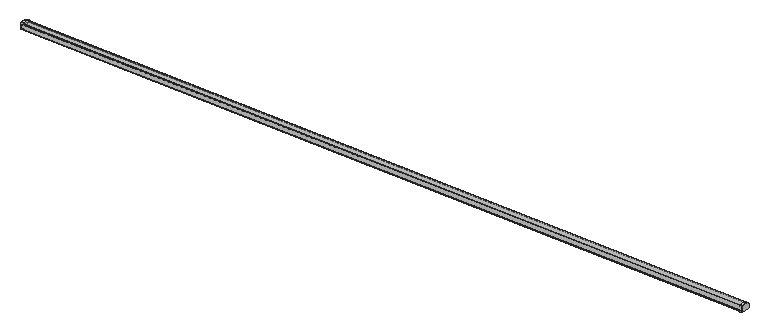
Revit family "3036975+3036931 Sylvania Lighting Fixture LUMISTRIP HO IP65 5M NW with LUMISTRIP ALU PROFILE OPAL 2-5M", category Lighting Fixtures, host Face, Revit 2017
Family settings
  Host = Face
  Round Connector Dimension = Use Diameter
  Part Type = Normal
  OmniClass Number = 23.80.70.00
  OmniClass Title = Lighting
  Cut with Voids When Loaded = No
  Light Source = Yes
  Shared = No
  Room Calculation Point = No
Parameters (values of type "3036975+3036931 LUMISTRIP HO IP65 5M NW with LUMISTRIP ALU PROFILE OPAL 2.5M")
  Weight = ""
  Wattage Comments = "n/a"
  Wattage = 0 W
  WarrantyStartDate [instance] = "n/a"
  WarrantyGuarantorParts = "n/a"
  WarrantyDurationUnit = "n/a"
  WarrantyDurationParts = "n/a"
  WarrantyDescription = "n/a"
  built-in parameter 1150110 = 1 (stored number, unit not read)
  Voltage = 24 V
  URL = "http://www.sylvania-lighting.com"
  TypeName = "LUMISTRIP HO IP65 5M NW with LUMISTRIP ALU PROFILE OPAL 2.5M"
  Type Image = <None>
  Type Comments = "n/a"
  built-in parameter 1114217 = 1 (stored number, unit not read)
  Tilt Angle = -90.00°
  built-in parameter 1150109 = 1 (stored number, unit not read)
  built-in parameter 1150134 = 12
  built-in parameter 1150113 = 1 (stored number, unit not read)
  SerialNumber [instance] = "n/a"
  ReflectorMaterial = none
  PowerFactor = 0
  PowerConsumption = ""
  Photometric Web File = "3036975.ies"
  NominalLength = 5000 mm
  NominalHeight = 4 mm
  NominalDepth = 14 mm
  Name = "LUMISTRIP HO IP65 5M NW with LUMISTRIP ALU PROFILE OPAL 2.5M"
  ModelReference = Name  # "LUMISTRIP HO IP65 5M NW with LUMISTRIP ALU PROFILE OPAL 2.5M"
  ModelNumber = "3036975+3036931"
  Model = Name  # "LUMISTRIP HO IP65 5M NW with LUMISTRIP ALU PROFILE OPAL 2.5M"
  Material = "silicon housing, silicon diffuser"
  ManufacturerName = "Feilo Sylvania"
  Manufacturer = "Feilo Sylvania"
  LuminousEfficacy = "85.60 lm/W"
  built-in parameter 1150105 = (empty or 0)
  Lumens = 0 lm
  LuminaireType = ""
  built-in parameter 1150115 = 1 (stored number, unit not read)
  LightOutputRatio = "100"
  built-in parameter 1150137 = (empty or 0)
  built-in parameter 1150139 = (empty or 0)
  LampsType = Lamp  # "LED"
  LampNominalLuminous = ""
  LampMacAdamStep = "n/a"
  LampColourTemperature = "4000 K"
  LampColourRenderingIndex = "80"
  built-in parameter 1150112 = 1 (stored number, unit not read)
  built-in parameter 1150114 = 1 (stored number, unit not read)
  Lamp = "LED"
  Keynote = "16500"
  InstallationDate [instance] = "n/a"
  InputVoltage = "24V DC"
  InputNominalFrequency = "n/a"
  built-in parameter 1150132 = (empty or 0)
  built-in parameter 1150102 = (empty or 0)
  built-in parameter 1150107 = 4000 (stored number, unit not read)
  built-in parameter 1150138 = (empty or 0)
  IngressProtection = "IP65"
  ImpactProtectionIndex = "n/a"
  built-in parameter 1150106 = (empty or 0)
  IfcExportType = "IfcLightFixtureType"
  IfcExportAs = "IfcLightFixtureType"
  ExpectedLife = 50000
  EndCapOverhangL_FEILO = 6 mm
  EndCapOverhangR_FEILO = -EndCapOverhangL_FEILO  # -6 mm
  Emit from Rectangle Width = BodyWidth_FEILO  # 25 mm
  Emit from Rectangle Length = BodyLength_FEILO - 16 mm  # 2484 mm
  Emit Shape Visible in Rendering = no
  ElectricShockClassification = "Class III"
  built-in parameter 1150104 = 7.9534 (stored number, unit not read)
  DurationUnit = "hours"
  DocumentationLiterature = "http://www.sylvania-lighting.com/product/en-int/products/3036975"
  DimmingControlOptions = "n/a"
  Dimming Lamp Color Temperature Shift = <None>
  DiffuserMaterial = Diffuser-Sylvania-Lumistrip-Transparent
  DiffuserCutOff_FEILO = 8 mm
  Description = ""
  Default Elevation = 1219.2 mm
  CreatedOn = "6/22/2018"
  CreatedBy = ""
  Cost = 0
  Color Filter = 16777215
  built-in parameter 1114216 [instance] = (empty or 0)
  ClassificationValue = "EF_70_80"
  ClassificationName = "Uniclass2015"
  BodyWidth_FEILO = 25 mm
  BodyThickness_FEILO = 1.2 mm
  BodyMaterial = Body-Sylvania-Lumistrip-Aluminium
  BodyLength_FEILO = 2500 mm
  BodyHeight_FEILO = 18.5 mm
  BodyFilletBottom_FEILO = BodyThickness_FEILO  # 1.2 mm
  BodyFilletTop_FEILO = BodyThickness_FEILO / 2  # 0.6 mm
  BarCode [instance] = "n/a"
  built-in parameter 1114218 = 1 (stored number, unit not read)
  built-in parameter 1150133 = 10 (stored number, unit not read)
  AssetType = "Fixed"
  AssetIdentifier [instance] = "n/a"
  Assembly Code = "D5020200"
  Apparent Load = 82 VA
  AccessoryMaterial = Body-Sylvania-Lumistrip-PC
Reference planes
  plane 1 "Center (Front/Back)": y = 0
  plane 2: z = 0
  plane 3 "Center (Left/Right)": x = 0
  plane 4: x = 1250
  plane 5: x = -1250
  plane 6: y = 12.5
  plane 7: y = -12.5
  plane 8: z = 18.5
  plane 9: z = 17
  plane 10: x = -1248
  plane 11: x = 1248
  plane 12: y = -11.3
  plane 13: y = 11.3
  plane 14: z = 1.2
  plane 15: z = 16.4
  plane 16: x = -1242
  plane 17: x = 1242
  plane 18: z = 15
Forms (mm)
  Extrusion 1, solid, material "Body-Sylvania-Lumistrip-Aluminium" <- "BodyMaterial"
    sketch origin (0, 0, 0) x (0, 1, 0) y (0, 0, 1)
      loop
        arc (11.3, 0) -> (12.149, 0.351) -> (12.5, 1.2) r 1.2
        line (12.5, 1.2) -> (12.5, 16.4)
        arc (12.5, 16.4) -> (11.9, 17) -> (11.3, 16.4) r 0.6
        line (11.3, 16.4) -> (11.3, 1.2) -> (-11.3, 1.2) -> (-11.3, 16.4)
        arc (-11.3, 16.4) -> (-11.9, 17) -> (-12.5, 16.4) r 0.6
        line (-12.5, 16.4) -> (-12.5, 1.2)
        arc (-12.5, 1.2) -> (-12.149, 0.351) -> (-11.3, 0) r 1.2
        line (-11.3, 0) -> (11.3, 0)
    from -1248 to 1248
  Extrusion 2, solid, material "Diffuser-Sylvania-Lumistrip-Transparent" <- "DiffuserMaterial"
    sketch origin (0, 0, 0) x (0, 1, 0) y (0, 0, 1)
      loop
        line (-11.3, 16.4) -> (-11.3, 15) -> (11.3, 15) -> (11.3, 16.4)
        arc (11.3, 16.4) -> (0, 18.5) -> (-11.3, 16.4) r 31.452
    from -1242 to 1242
  Extrusion 3, solid, material "Body-Sylvania-Lumistrip-PC" <- "AccessoryMaterial"
    sketch origin (-1250, 1524, 1219.2) x (0, 1, 0) y (0, 0, 1)
      loop
        arc (-1512.274, -1202.968) -> (-1524.257, -1200.701) -> (-1536.202, -1203.163) r 31.452
        arc (-1536.202, -1203.163) -> (-1536.423, -1203.532) -> (-1536.5, -1203.955) r 1.2
        line (-1536.5, -1203.955) -> (-1536.5, -1218)
        arc (-1536.5, -1218) -> (-1536.149, -1218.849) -> (-1535.3, -1219.2) r 1.2
        line (-1535.3, -1219.2) -> (-1512.7, -1219.2)
        arc (-1512.7, -1219.2) -> (-1511.851, -1218.849) -> (-1511.5, -1218) r 1.2
        line (-1511.5, -1218) -> (-1511.5, -1204.112)
        arc (-1511.5, -1204.112) -> (-1511.712, -1203.422) -> (-1512.274, -1202.968) r 1.234
    from 0 to 2
  Extrusion 4, solid, material "Body-Sylvania-Lumistrip-PC" <- "AccessoryMaterial"
    sketch origin (-1248, 1524, 1219.2) x (0, 1, 0) y (0, 0, 1)
      loop
        line (-1535.3, -1204.2) -> (-1512.7, -1204.2) -> (-1512.7, -1202.8)
        arc (-1512.7, -1202.8) -> (-1524, -1200.7) -> (-1535.3, -1202.8) r 31.452
        line (-1535.3, -1202.8) -> (-1535.3, -1204.2)
    from 0 to 6 <- "EndCapOverhangL_FEILO"
  Extrusion 5, solid, material "Body-Sylvania-Lumistrip-PC" <- "AccessoryMaterial"
    sketch origin (1250, 1524, 1219.2) x (0, 1, 0) y (0, 0, 1)
      loop
        line (-1535.3, -1219.2) -> (-1512.7, -1219.2)
        arc (-1512.7, -1219.2) -> (-1511.851, -1218.849) -> (-1511.5, -1218) r 1.2
        line (-1511.5, -1218) -> (-1511.5, -1204.09)
        arc (-1511.5, -1204.09) -> (-1511.706, -1203.418) -> (-1512.252, -1202.977) r 1.2
        arc (-1512.252, -1202.977) -> (-1524, -1200.7) -> (-1535.748, -1202.977) r 31.452
        arc (-1535.748, -1202.977) -> (-1536.294, -1203.418) -> (-1536.5, -1204.09) r 1.2
        line (-1536.5, -1204.09) -> (-1536.5, -1218)
        arc (-1536.5, -1218) -> (-1536.149, -1218.849) -> (-1535.3, -1219.2) r 1.2
    from 0 to -2
  Extrusion 6, solid, material "Body-Sylvania-Lumistrip-PC" <- "AccessoryMaterial"
    sketch origin (1248, 1524, 1219.2) x (0, 1, 0) y (0, 0, 1)
      loop
        line (-1535.3, -1204.2) -> (-1512.7, -1204.2) -> (-1512.7, -1202.8)
        arc (-1512.7, -1202.8) -> (-1524, -1200.7) -> (-1535.3, -1202.8) r 31.452
        line (-1535.3, -1202.8) -> (-1535.3, -1204.2)
    from 0 to -6 <- "EndCapOverhangR_FEILO"
Cuts and joins
  joined: Extrusion 3, Extrusion 4
  joined: Extrusion 5, Extrusion 6
Dimensions and locks
  "BodyLength_FEILO": plane 5 to plane 4
  equal spacing: plane 5, plane 3 "Center (Left/Right)", plane 4
  "BodyWidth_FEILO": plane 7 to plane 6
  plane 7 to plane 6 = 25 mm
  "BodyHeight_FEILO": plane 8 to plane 2
  locked: plane 9 to plane 8 at 1.5
  equal spacing: plane 10, plane 3 "Center (Left/Right)", plane 11
  locked: plane 5 to plane 10 at 2
  equal spacing: plane 12, plane 1 "Center (Front/Back)", plane 13
  "BodyThickness_FEILO": plane 7 to plane 12
  "BodyThickness_FEILO": plane 14 to plane 2
  "BodyFilletTop_FEILO": plane 15 to plane 9
  "BodyFilletTop_FEILO": plane 7 to Extrusion 1 sketch curve
  "BodyFilletTop_FEILO": plane 13 to Extrusion 1 sketch curve
  equal spacing: plane 16, plane 3 "Center (Left/Right)", plane 17
  "DiffuserCutOff_FEILO": plane 5 to plane 16
  locked: plane 18 to plane 9 at 2
  locked: Extrusion 2 sketch curve to plane 8 at 31.452
  "BodyFilletBottom_FEILO": radius of Extrusion 1 sketch curve  (x2)
  "BodyFilletBottom_FEILO": radius of Extrusion 3 sketch curve  (x3)
  radius of Extrusion 3 sketch curve = 1.234 mm
  "BodyFilletBottom_FEILO": radius of Extrusion 5 sketch curve  (x4)
  aligned and locked: plane 2 to host face
  aligned and locked: level to host face
  aligned and locked: level to Extrusion 1 sketch curve
  aligned and locked: plane 12 to Extrusion 1 sketch curve  (x2)
  aligned and locked: plane 14 to Extrusion 1 sketch curve
  aligned and locked: plane 6 to Extrusion 1 sketch curve
  aligned and locked: plane 11 to Extrusion 1
  aligned and locked: Extrusion 1 to plane 10
  aligned and locked: plane 15 to Extrusion 1 sketch curve  (x6)
  aligned and locked: Extrusion 1 sketch curve to plane 7
  aligned and locked: Extrusion 1 sketch curve to plane 13
  aligned and locked: Extrusion 1 to Extrusion 2 sketch curve
  aligned and locked: plane 18 to Extrusion 2 sketch curve
  aligned and locked: Extrusion 2 sketch curve to plane 13
  aligned and locked: plane 1 "Center (Front/Back)" to Extrusion 2 sketch curve
  aligned and locked: plane 17 to Extrusion 2
  aligned and locked: Extrusion 2 to plane 16
  aligned and locked: Extrusion 3 sketch curve to Extrusion 2
  aligned and locked: Extrusion 1 to Extrusion 3 sketch curve  (x3)
  aligned and locked: plane 10 to Extrusion 3
  aligned and locked: Extrusion 3 to plane 5
  aligned and locked: Extrusion 4 sketch curve to Extrusion 2  (x4)
  aligned and locked: Extrusion 4 to plane 10
  aligned and locked: Extrusion 5 sketch curve to plane 6
  aligned and locked: Extrusion 5 sketch curve to level
  aligned and locked: Extrusion 5 sketch curve to Extrusion 2
  aligned and locked: Extrusion 5 to plane 11
  aligned and locked: plane 4 to Extrusion 5
  aligned and locked: Extrusion 6 sketch curve to cut or joined group of Extrusion 3, Extrusion 4  (x4)
  aligned and locked: plane 11 to Extrusion 6
  aligned and locked: imposter light to plane 8
  aligned and locked: imposter light to plane 1 "Center (Front/Back)"
  aligned and locked: plane 3 "Center (Left/Right)" to imposter light
Automatic sketch dimensions
  host sketch curve to host sketch curve = 2438.4 mm  (x2)
  plane 15 to Extrusion 2 sketch curve = 0 mm
  Extrusion 3 sketch curve to plane 18 = 0.088 mm
  Extrusion 3 sketch curve to plane 18 = 0.245 mm
  Extrusion 5 sketch curve to plane 7 = 0 mm
  Extrusion 5 sketch curve to plane 18 = 0.11 mm  (x2)
Connectors
  electrical at (0, 0, 0), driven by "Apparent Load", driven by "PowerFactor", driven by "Voltage"
    settings: index 1, voltage 24 V, apparent load 82 VA, apparent load phase1 0 VA, apparent load phase2 0 VA, apparent load phase3 0 VA, power factor 0, load classification "Lighting", number of poles 1, system type 30, power factor state 1, is connector primary yes, connector utility no, sub classification motor no, connector description ""
